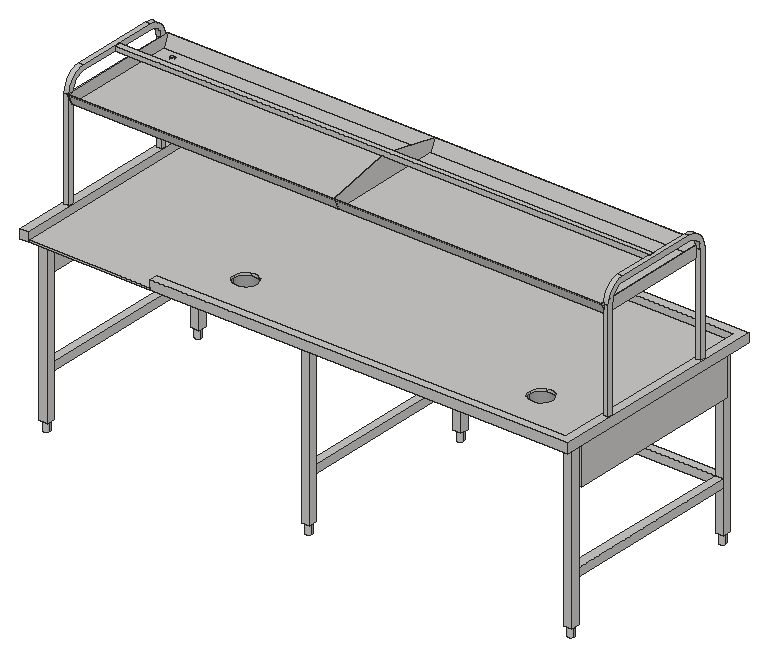
Revit family "QF_ELECTROLUXPROFESSIONAL_865346_BHST2711R", category Attrezzature speciali, Revit 2020
Family settings
  Quota connettore circolare = Usa diametro
  Tipo di parte = Normale
  Basato su piano di lavoro = No
  Sempre verticale = Sì
  Taglio con vuoti quando caricato = No
  Condiviso = No
  Punto di calcolo locali = No
Parameters (values of type "Standard")
  Weight = 25.00 kg
  Watts = 0 W
  Volts = 0 V
  URL Manufacturer = "https://www.electroluxprofessional.com/"
  URL = "https://www.electroluxprofessional.com/"
  Steam Supply Size = 0 mm
  Steam Supply Minimum Pressure = 0.0 Pa
  Steam Supply Maximum Pressure = 0.0 Pa
  Steam Consumption per Hour = 0
  Refrigeration Suction Line Size = 0 mm
  Refrigeration Liquid Line Size = 0 mm
  Refrigerant Compressor Remote = yes
  Prospetto di default = 0 mm
  Produttore = "Electrolux Professional"
  Phase = 0
  Modello = "BHST2711R"
  Length Actual = 2700 mm  # constant formula
  Item Number = "865346"
  Hot Water Size = 0 mm
  Height Actual = 1551 mm  # constant formula
  HP = "0 HP"
  Gas Size = 0 mm
  Gas KW = 0
  Gas Input Pressure = 0 W
  Direct Waste Size = 0 mm
  Description = "SORTING TABLE, RIGHT>LEFT, 2700X1100 MM "
  Depth Actual = 1100 mm  # constant formula
  Cycle = 0 Hz
  Condensate Return Size = 0 mm
  Compressed Air Volume = 0.0 L/s
  Compressed Air Size = 0 mm
  Compressed Air Pressure = 0.0 Pa
  Cold Water Size = 0 mm
  Accessory = yes
Reference planes
  plane 1 "Centro (Fronte/Retro)": y = 0
  plane 2: z = 0
  plane 3 "Centro (Sinistra/Destra)": x = 0
  plane 4: z = 1492
  plane 5: x = 20
  plane 6: y = -557.5
  plane 7: x = 56
  plane 8: x = 2700
  plane 9: x = 1350
  plane 10: y = -1115
  plane 11: y = -88
  plane 12: y = -1023
Forms (mm)
  Extrusion 1, solid, material "QF_Finishes_Stainless Steel"
    sketch origin (0, 0, 865) x (1, 0, 0) y (0, 1, 0)
      loop
        line (40, -1115) -> (640, -1115) -> (640, -1075) -> (2660, -1075) -> (2660, -40) -> (40, -40) -> (40, -1115)
    from 0 to 10
  Extrusion 2, solid, material "QF_Finishes_Stainless Steel"
    sketch origin (0, 0, 865) x (1, 0, 0) y (0, 1, 0)
      loop
        line (0, 0) -> (0, -1115) -> (40, -1115) -> (40, -40) -> (2660, -40) -> (2660, -1075) -> (640, -1075) -> (640, -1115) -> (2700, -1115) -> (2700, 0) -> (0, 0)
    from 0 to 45
  Extrusion 3, solid, material "QF_Finishes_Stainless Steel"
    sketch origin (36, -178, 0) x (0, 1, 0) y (0, 0, 1)
      loop
        line (70, 299.579) -> (-825, 299.579) -> (-825, 259.579) -> (70, 259.579) -> (70, 299.579)
    from 0 to 40
  Sweep 4, solid, material "QF_Finishes_Stainless Steel"
    path origin (0, -178, -12) x (0, 1, 0) y (0, 0, 1)
      loop
        line (-95, 922) -> (-95, 1412)
        arc (-95, 1412) -> (-118.431, 1468.569) -> (-175, 1492) r 80
        line (-175, 1492) -> (-584, 1492)
        arc (-584, 1492) -> (-640.569, 1468.569) -> (-664, 1412) r 80
        line (-664, 1412) -> (-664, 922)
    profile origin (0, -273, 1155) x (0, -1, 0) y (1, 0, 0)
      loop
        line (-12, 8) -> (12, 8) -> (12, 32) -> (-12, 32) -> (-12, 8)
  Extrusion 5, solid, material "QF_Finishes_Stainless Steel"
    sketch origin (0, -178, 0) x (0, 1, 0) y (0, 0, 1)
      loop
        line (70, 865) -> (-825, 865) -> (-825, 660) -> (70, 660) -> (70, 865)
    from 20 to 36
  Extrusion 6, solid, material "QF_Finishes_Stainless Steel"
    sketch origin (-964, -68, 0) x (1, 0, 0) y (0, 1, 0)
      loop
        line (1000, 0) -> (1000, -40) -> (1040, -40) -> (1040, 0) -> (1000, 0)
    from 45 to 865
  Extrusion 7, solid, material "QF_Finishes_Stainless Steel"
    sketch origin (-964, -68, 0) x (1, 0, 0) y (0, 1, 0)
      loop
        circle (1020, -20) r 15
    from 0 to 45
  Extrusion 8, solid, material "QF_Finishes_Stainless Steel"
    sketch origin (-964, -1003, 0) x (1, 0, 0) y (0, 1, 0)
      loop
        line (1000, 0) -> (1000, -40) -> (1040, -40) -> (1040, 0) -> (1000, 0)
    from 45 to 865
  Extrusion 9, solid, material "QF_Finishes_Stainless Steel"
    sketch origin (-964, -1003, 0) x (1, 0, 0) y (0, 1, 0)
      loop
        circle (1020, -20) r 15
    from 0 to 45
  Extrusion 10, solid, material "QF_Finishes_Stainless Steel"
    sketch origin (0, -28, 0) x (1, 0, 0) y (0, 0, 1)
      loop
        line (76, 259.624) -> (1330, 259.624) -> (1330, 299.579) -> (76, 299.579) -> (76, 259.624)
    from 40 to 80
  Extrusion 11, solid, material "QF_Finishes_Stainless Steel"
    sketch origin (0, -178, -12) x (0, 1, 0) y (0, 0, 1)
      loop
        line (-367.5, 1504) -> (-391.5, 1504) -> (-391.5, 1480) -> (-367.5, 1480) -> (-367.5, 1504)
    from 32 to 2668
  Extrusion 12, void
    sketch origin (0, -178, -12) x (1, 0, 0) y (0, 1, 0)
      loop
        circle (108.268, -136.161) r 12
    from 1301.755 to 1377.519
  Extrusion 13, solid, material "QF_Finishes_Stainless Steel"
    sketch origin (0, -178, -12) x (1, 0, 0) y (0, 1, 0)
      loop
        circle (108.21, -136.146) r 13
    from 1316.037 to 1362.532
  Extrusion 14, void
    sketch origin (0, -178, -12) x (1, 0, 0) y (0, 1, 0)
      loop
        circle (108.268, -136.161) r 10
    from 1301.755 to 1377.519
  Extrusion 15, void
    sketch origin (1740, -349.25, 0) x (1, 0, 0) y (0, 1, 0)
      loop
        circle (610, -490) r 58
    from 674.596 to 947.421
  Extrusion 16, void
    sketch origin (280, -349.25, 0) x (1, 0, 0) y (0, 1, 0)
      loop
        circle (610, -490) r 58
    from 674.596 to 947.421
  Extrusion 17, solid, material "QF_Finishes_Stainless Steel"
    sketch origin (251, -178, 0) x (0, 1, 0) y (0, 0, 1)
      loop
        line (-367.5, 1468) -> (-391.5, 1468) -> (-687.809, 1406.976) -> (-663.034, 1353.844) -> (-95.966, 1353.844) -> (-71.191, 1406.976) -> (-367.5, 1468)
    from 1098 to 1100
  Extrusion 18, void
    sketch origin (32, -178, -6.687) x (0, 1, 0) y (0, 0, 1)
      loop
        line (-56.629, 1444.891) -> (-702.371, 1444.891) -> (-663.034, 1360.532) -> (-95.966, 1360.532) -> (-56.629, 1444.891)
    from 3.287 to 2634
  Extrusion 19, solid, material "QF_Finishes_Stainless Steel"
    sketch origin (32, -178, -12) x (0, 1, 0) y (0, 0, 1)
      loop
        line (-70.92, 1418.976) -> (-688.08, 1418.976) -> (-661.76, 1362.532) -> (-97.24, 1362.532) -> (-70.92, 1418.976)
    from 0 to 2636
  Extrusion 20, solid, material "QF_Finishes_Stainless Steel"
    sketch origin (2664, -178, 0) x (0, 1, 0) y (0, 0, -1)
      loop
        line (70, -299.579) -> (70, -259.579) -> (-825, -259.579) -> (-825, -299.579) -> (70, -299.579)
    from 0 to 40
  Sweep 21, solid, material "QF_Finishes_Stainless Steel"
    path origin (2700, -178, -12) x (0, 1, 0) y (0, 0, -1)
      loop
        line (-95, -922) -> (-95, -1412)
        arc (-95, -1412) -> (-118.431, -1468.569) -> (-175, -1492) r 80
        line (-175, -1492) -> (-584, -1492)
        arc (-584, -1492) -> (-640.569, -1468.569) -> (-664, -1412) r 80
        line (-664, -1412) -> (-664, -922)
    profile origin (2700, -273, 1155) x (0, 1, 0) y (-1, 0, 0)
      loop
        line (12, 8) -> (12, 32) -> (-12, 32) -> (-12, 8) -> (12, 8)
  Extrusion 22, solid, material "QF_Finishes_Stainless Steel"
    sketch origin (2700, -178, 0) x (0, 1, 0) y (0, 0, -1)
      loop
        line (70, -865) -> (70, -660) -> (-825, -660) -> (-825, -865) -> (70, -865)
    from 20 to 36
  Extrusion 23, solid, material "QF_Finishes_Stainless Steel"
    sketch origin (3664, -68, 0) x (-1, 0, 0) y (0, -1, 0)
      loop
        line (1000, 0) -> (1040, 0) -> (1040, 40) -> (1000, 40) -> (1000, 0)
    from 45 to 865
  Extrusion 24, solid, material "QF_Finishes_Stainless Steel"
    sketch origin (3664, -68, 0) x (-1, 0, 0) y (0, -1, 0)
      loop
        circle (1020, 20) r 15
    from 0 to 45
  Extrusion 25, solid, material "QF_Finishes_Stainless Steel"
    sketch origin (3664, -1003, 0) x (-1, 0, 0) y (0, -1, 0)
      loop
        line (1000, 0) -> (1040, 0) -> (1040, 40) -> (1000, 40) -> (1000, 0)
    from 45 to 865
  Extrusion 26, solid, material "QF_Finishes_Stainless Steel"
    sketch origin (3664, -1003, 0) x (-1, 0, 0) y (0, -1, 0)
      loop
        circle (1020, 20) r 15
    from 0 to 45
  Extrusion 27, solid, material "QF_Finishes_Stainless Steel"
    sketch origin (1370, -178, 0) x (0, 1, 0) y (0, 0, -1)
      loop
        line (70, -299.579) -> (70, -259.579) -> (-825, -259.579) -> (-825, -299.579) -> (70, -299.579)
    from 0 to 40
  Extrusion 28, solid, material "QF_Finishes_Stainless Steel"
    sketch origin (2370, -68, 0) x (-1, 0, 0) y (0, -1, 0)
      loop
        line (1000, 0) -> (1040, 0) -> (1040, 40) -> (1000, 40) -> (1000, 0)
    from 45 to 865
  Extrusion 29, solid, material "QF_Finishes_Stainless Steel"
    sketch origin (2370, -68, 0) x (-1, 0, 0) y (0, -1, 0)
      loop
        circle (1020, 20) r 15
    from 0 to 45
  Extrusion 30, solid, material "QF_Finishes_Stainless Steel"
    sketch origin (2370, -1003, 0) x (-1, 0, 0) y (0, -1, 0)
      loop
        line (1000, 0) -> (1040, 0) -> (1040, 40) -> (1000, 40) -> (1000, 0)
    from 45 to 865
  Extrusion 31, solid, material "QF_Finishes_Stainless Steel"
    sketch origin (2370, -1003, 0) x (-1, 0, 0) y (0, -1, 0)
      loop
        circle (1020, 20) r 15
    from 0 to 45
  Extrusion 32, solid, material "QF_Finishes_Stainless Steel"
    sketch origin (1294, -28, 0) x (1, 0, 0) y (0, 0, 1)
      loop
        line (76, 259.624) -> (1330, 259.624) -> (1330, 299.579) -> (76, 299.579) -> (76, 259.624)
    from 40 to 80
Cuts and joins
  Extrusion 12 cuts Extrusion 13
  Extrusion 15, Extrusion 16 cuts Extrusion 1
  Extrusion 14, Extrusion 18 cuts Extrusion 19
Dimensions and locks
  plane 4 to level = 1492 mm  (x2)
  Extrusion 2 to plane 8 = 2700 mm
  plane 8 to plane 3 "Centro (Sinistra/Destra)" = 2700 mm
  Extrusion 2 to Extrusion 2 = 1115 mm
  plane 1 "Centro (Fronte/Retro)" to plane 10 = 1115 mm
  Extrusion 6 to Extrusion 8 = 895 mm
  plane 11 to plane 12 = 935 mm
  Extrusion 10 to Extrusion 10 = 39.955 mm
  Sweep 4 to Sweep 4 = 545 mm
  aligned and locked: level to plane 2
  aligned and locked: Extrusion 7 to Extrusion 6
  aligned and locked: Extrusion 9 to Extrusion 8
  aligned and locked: Extrusion 23 to Extrusion 24
  aligned and locked: Extrusion 25 to Extrusion 26
  aligned and locked: Extrusion 28 to Extrusion 29
  aligned and locked: Extrusion 30 to Extrusion 31
Nested families
  nested 1: "FORO_IMMONDIZIE - 200" at (2350, -839, 863.471), type "FORO_IMMONDIZIE - 200"
  nested 2: "FORO_IMMONDIZIE - 200" at (890, -839, 863.471), type "FORO_IMMONDIZIE - 200"
Definition of nested family "FORO_IMMONDIZIE - 200"
  Parameters (values of type "FORO_IMMONDIZIE - 200")
    Default Elevation = 1219.2 mm
  Reference planes
    plane 1 "Centro (Fronte/Retro)": y = 0
    plane 2: z = 0
    plane 3 "Centro (Sinistra/Destra)": x = 0
    plane 4: z = -110
  Forms (mm)
    Extrusion 1, solid, not visible
      sketch origin (0, 0, 0) x (1, 0, 0) y (0, 1, 0)
        loop
          line (-1219.2, 1219.2) -> (-1219.2, -1219.2) -> (1219.2, -1219.2) -> (1219.2, 1219.2) -> (-1219.2, 1219.2)
      from 0 to -304.8
    Extrusion 2, solid
      sketch origin (0, 0, 0) x (1, 0, 0) y (0, 1, 0)
        loop
          circle (0, 0) r 60
        loop
          circle (0, 0) r 90
      from -110 to 1.529
  Dimensions and locks
    aligned and locked: plane 2 to Extrusion 1
    aligned and locked: level to Extrusion 1
